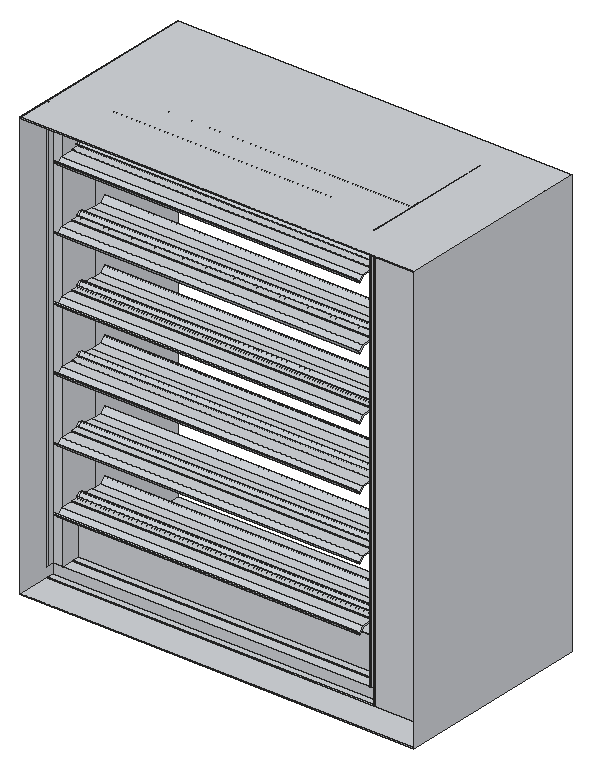
Revit family "FS-3V-FA-I, FS-3V-FA-II", category Mechanical Equipment, Revit 2015
Parameters
  URL = "https://unitedenertech.com/catalog/pdf/P-46%20%20FS-3V-FA-I.pdf-color.pdf"
  Type Comments = "Max. Single Section Size is 42\"w x 48\"h"
  Model = "F/S-3V-FA-I, F/S-3V-FA-II"
  Manufacturer = "United Enertech Corporation"
  Keynote = "FSLF-120 Actuator Shown, See Website for Correct Actuator for Damper Size."
  Exact Width = 3' - 0"
  Exact Height = 3' - 3"
  Description = "Front Access Combination Fire/Smoke Damper"
  Depth = 1' - 6"
  Blade Spacing = 0' - 5 3/4"
  Blade Number [instance] = rounddown((Exact Height - 0' 3") / Blade Spacing)  # 6
  BW [instance] = Exact Width - 0' 8 1/2"  # 2' - 3 1/2"
Reference planes (in)
  plane 1 "Center (Front/Back)": y = 0
  plane 2: z = 0
  plane 3 "Center (Left/Right)": x = 0
  plane 4: z = 39
  plane 5: x = -18
  plane 6: x = 18
  plane 7: z = 0.0359
  plane 8: z = 38.9641
  plane 9: x = -17.9641
  plane 10: x = 17.9641
  plane 11: y = 15
  plane 12: y = -3
  plane 13: y = 5
  plane 14: z = 0.9348
  plane 15: z = 38.0293
  plane 16: x = -17.0293
  plane 17: x = 17.0293
  plane 18: z = 35.27732
  plane 19: y = 4.3098
  plane 20: z = 37.5
  plane 21: z = 26.4428
  plane 22: z = 35.24218
  plane 23: z = 34.78895
  plane 24: z = 35.97045
  plane 25: x = 11.9641
  plane 26: x = -3
  plane 27: x = 12
  plane 28: x = 11.0293
  plane 29: y = 12
  plane 30: y = 11.96484
  plane 31: y = 0.03516
Forms (in)
  Extrusion 1, solid
    sketch origin (0, 0, 0) x (1, 0, 0) y (0, 0, 1)
      loop
        line (-17.9641, 38.9641) -> (-17.9641, 0.0359) -> (17.9641, 0.0359) -> (17.9641, 38.9641) -> (-17.9641, 38.9641)
      loop
        line (-18, 39) -> (-18, 0) -> (18, 0) -> (18, 39) -> (-18, 39)
    from -15 to 3
  Extrusion 2, solid
    sketch origin (23.93472, -8.11588, 0) x (1, 0, 0) y (0, 1, 0)
      loop
        line (-41.83902, 8.11588) -> (-41.83902, 8.17568) -> (-41.83902, 8.80608) -> (-40.96402, 8.80608) -> (-40.96402, 12.42568) -> (-41.83902, 12.42568) -> (-41.83902, 13.05608) -> (-41.83902, 13.11588) -> (-41.89882, 13.11588) -> (-41.89882, 12.36588) -> (-41.02382, 12.36588) -> (-41.02382, 8.86588) -> (-41.89882, 8.86588) -> (-41.89882, 8.11588) -> (-41.83902, 8.11588)
    from 0.9348 to 38.0293
  Extrusion 3, solid
    sketch origin (31.96104, -8.11588, 36.89882) x (0, 0, 1) y (0, 1, 0)
      loop
        line (-36.83902, 8.17568) -> (-36.83902, 8.80608) -> (-35.96402, 8.80608) -> (-35.96402, 12.42568) -> (-36.83902, 12.42568) -> (-36.83902, 13.05608) -> (-36.83902, 13.11588) -> (-36.89882, 13.11588) -> (-36.89882, 12.36588) -> (-36.02382, 12.36588) -> (-36.02382, 8.86588) -> (-36.89882, 8.86588) -> (-36.89882, 8.11588) -> (-36.83902, 8.11588) -> (-36.83902, 8.17568)
    from 19.99694 to 49.92514
  Extrusion 4, solid
    sketch origin (26.89178, -38.52709, 32.33205) x (0, -1, 0) y (0, 0, -1)
      loop
        line (-41.02709, -5.19725) -> (-41.02709, -5.69725) -> (-40.27709, -5.69725) -> (-40.27709, -5.61625) -> (-40.94609, -5.61625) -> (-40.94609, -5.19725) -> (-41.02709, -5.19725)
    from -43.92108 to -15.86248
  Extrusion 5, solid
    sketch origin (62.39247, 5.64851, 0.33329) x (0, 1, 0) y (0, 0, 1)
      loop
        line (-3.14851, 3.60151) -> (-3.22663, 3.60151) -> (-3.22663, 0.67964) -> (-3.89851, 0.67964) -> (-3.89851, 0.60151) -> (-3.14851, 0.60151) -> (-3.14851, 3.60151)
    from -79.42177 to -51.36317
  Extrusion 6, solid
    sketch origin (31.96104, -8.11588, 11.06528) x (0, 0, -1) y (0, -1, 0)
      loop
        line (-27.83902, -8.17568) -> (-27.83902, -8.11588) -> (-27.89882, -8.11588) -> (-27.89882, -8.86588) -> (-27.02382, -8.86588) -> (-27.02382, -12.36588) -> (-27.89882, -12.36588) -> (-27.89882, -13.11588) -> (-27.83902, -13.11588) -> (-27.83902, -13.05608) -> (-27.83902, -12.42568) -> (-26.96402, -12.42568) -> (-26.96402, -8.80608) -> (-27.83902, -8.80608) -> (-27.83902, -8.17568)
    from 19.99694 to 49.92514
  Extrusion 7, solid
    sketch origin (0, 0, 0) x (0, 1, 0) y (0, 0, 1)
      loop
        line (7.9528, 35.24218) -> (7.6668, 35.24218)
        arc (7.6668, 35.24218) -> (7.8098, 34.71875) -> (7.9528, 35.24218) r 0.28125
    from -17.9641 to 17.9641
  Extrusion 8, solid
    sketch origin (-29.93472, -8.11588, 0) x (-1, 0, 0) y (0, -1, 0)
      loop
        line (-41.83902, -8.11588) -> (-41.89882, -8.11588) -> (-41.89882, -8.86588) -> (-41.02382, -8.86588) -> (-41.02382, -12.36588) -> (-41.89882, -12.36588) -> (-41.89882, -13.11588) -> (-41.83902, -13.11588) -> (-41.83902, -13.05608) -> (-41.83902, -12.42568) -> (-40.96402, -12.42568) -> (-40.96402, -8.80608) -> (-41.83902, -8.80608) -> (-41.83902, -8.17568) -> (-41.83902, -8.11588)
    from 0.9348 to 38.0293
  Extrusion 9, solid
    sketch origin (0, 0, 0) x (1, 0, 0) y (0, 1, 0)
      loop
        line (17.9641, 0) -> (17.9641, 0.03516) -> (12, 0.03516) -> (12, 11.96484) -> (17.9641, 11.96484) -> (17.9641, 12) -> (11.9641, 12) -> (11.9641, 0) -> (17.9641, 0)
    from 0.0359 to 38.9641
Dimensions and locks (in)
  "Exact Height": plane 4 to level
  equal spacing: plane 5, plane 3 "Center (Left/Right)", plane 6
  "Exact Width": plane 5 to plane 6
  locked: plane 7 to level at 0.0359
  locked: plane 4 to plane 8 at 0.0359
  locked: plane 5 to plane 9 at 0.0359
  locked: plane 10 to plane 6 at 0.0359
  "Depth": plane 11 to plane 12
  locked: plane 14 to level at 0.9348
  locked: plane 8 to plane 15 at 0.9348
  locked: plane 16 to plane 9 at 0.9348
  locked: plane 10 to plane 17 at 0.9348
  locked: plane 4 to plane 18 at 3.72268
  locked: plane 13 to plane 19 at 0.6902
  locked: plane 4 to plane 20 at 1.5
  locked: plane 4 to plane 21 at 12.5572
  locked: plane 4 to plane 22 at 3.75782
  locked: plane 4 to plane 23 at 4.21105
  equal spacing: group 2, group 3, group 4, group 5, group 6, group 7  (x2)
  equal spacing: group 7, group 6, group 5, group 4, group 3, group 2
  "Blade Spacing": nested 4 to nested 5
  locked: plane 4 to plane 24 at 3.02955
  locked: plane 25 to plane 10 at 6
  equal spacing: plane 9, plane 26, plane 25
  locked: plane 25 to plane 27 at 0.0359
  locked: plane 28 to plane 25 at 0.9348
  locked: plane 1 "Center (Front/Back)" to plane 29 at 12
  locked: plane 30 to plane 29 at 0.03516
  locked: plane 1 "Center (Front/Back)" to plane 31 at 0.03516
  locked: plane 29 to plane 11 at 3
  aligned and locked: level to plane 2
  aligned and locked: Extrusion 1 sketch curve to plane 4
  aligned and locked: level to Extrusion 1 sketch curve
  aligned and locked: Extrusion 1 sketch curve to plane 5
  aligned and locked: Extrusion 1 sketch curve to plane 6
  aligned and locked: Extrusion 1 sketch curve to plane 8
  aligned and locked: plane 7 to Extrusion 1 sketch curve
  aligned and locked: plane 10 to Extrusion 1 sketch curve
  aligned and locked: plane 9 to Extrusion 1 sketch curve
  aligned and locked: plane 11 to Extrusion 1
  aligned and locked: Extrusion 1 to plane 12
  aligned and locked: Extrusion 2 to plane 9
  aligned and locked: Extrusion 3 to plane 9
  aligned and locked: Extrusion 2 to plane 14
  aligned and locked: plane 8 to Extrusion 6
  aligned and locked: plane 15 to Extrusion 2
  aligned and locked: Extrusion 6 to plane 9
  aligned and locked: Extrusion 5 to plane 16
  aligned and locked: Extrusion 6 to plane 15
  aligned and locked: plane 15 to Extrusion 4
  aligned and locked: Extrusion 4 to plane 16
  aligned and locked: nested 2 to plane 10
  aligned and locked: plane 9 to nested 3
  aligned and locked: nested 3 to plane 19
  aligned and locked: plane 19 to nested 2
  aligned and locked: Extrusion 7 to plane 10
  aligned and locked: Extrusion 7 to plane 9
  aligned and locked: nested 3 to plane 20
  aligned and locked: plane 20 to nested 2
  aligned and locked: plane 22 to Extrusion 7
  aligned and locked: nested 4 to plane 23
  aligned and locked: plane 17 to nested 6
  aligned and locked: plane 24 to nested 6
  aligned and locked: Extrusion 6 to plane 25
  aligned and locked: Extrusion 3 to plane 25
  aligned and locked: Extrusion 5 to plane 28
  aligned and locked: plane 26 to nested 4
  aligned and locked: Extrusion 4 to plane 28
  aligned and locked: plane 15 to Extrusion 8
  aligned and locked: Extrusion 9 sketch curve to plane 1 "Center (Front/Back)"
  aligned and locked: Extrusion 9 sketch curve to plane 31
  aligned and locked: plane 10 to Extrusion 9 sketch curve  (x2)
  aligned and locked: plane 29 to Extrusion 9 sketch curve
  aligned and locked: Extrusion 9 sketch curve to plane 30
  aligned and locked: Extrusion 9 sketch curve to plane 25
  aligned and locked: Extrusion 9 sketch curve to plane 27
  aligned and locked: Extrusion 9 to plane 7
  aligned and locked: plane 8 to Extrusion 9
Automatic sketch dimensions
  Extrusion 2 sketch curve to plane 9 = 0' - 0"  (x2)
  plane 1 "Center (Front/Back)" to Extrusion 2 sketch curve = 0' - 0"
  plane 19 to Extrusion 2 sketch curve = 0' - 0"
  plane 13 to Extrusion 2 sketch curve = 0' - 0"
  Extrusion 2 sketch curve to plane 16 = 0' - 0"
  plane 9 to Extrusion 2 sketch curve = 0' - 0.0598"  (x2)
  Extrusion 2 sketch curve to plane 16 = 0' - 0.0598"
  Extrusion 2 sketch curve to plane 1 "Center (Front/Back)" = 0' - 0.0598"
  Extrusion 2 sketch curve to Extrusion 2 sketch curve = 0' - 0.6304"
  Extrusion 2 sketch curve to Extrusion 2 sketch curve = 0' - 0.0598"  (x2)
  plane 19 to Extrusion 2 sketch curve = 0' - 0.0598"
  Extrusion 3 sketch curve to level = 0' - 0"  (x2)
  Extrusion 3 sketch curve to plane 1 "Center (Front/Back)" = 0' - 0"
  Extrusion 3 sketch curve to plane 19 = 0' - 0"
  Extrusion 3 sketch curve to plane 13 = 0' - 0"
  Extrusion 3 sketch curve to plane 14 = 0' - 0"
  plane 7 to Extrusion 3 sketch curve = 0' - 0.0239"  (x2)
  Extrusion 3 sketch curve to plane 14 = 0' - 0.0598"
  Extrusion 3 sketch curve to plane 1 "Center (Front/Back)" = 0' - 0.0598"
  Extrusion 3 sketch curve to Extrusion 3 sketch curve = 0' - 0.6304"
  Extrusion 3 sketch curve to Extrusion 3 sketch curve = 0' - 0.0598"
  plane 19 to Extrusion 3 sketch curve = 0' - 0.0598"
  plane 13 to Extrusion 3 sketch curve = 0' - 0.0598"
  plane 15 to Extrusion 4 sketch curve = 0' - 0"
  plane 20 to Extrusion 4 sketch curve = 0' - 0.0293"
  plane 19 to Extrusion 4 sketch curve = 0' - 1.8098"
  Extrusion 4 sketch curve to Extrusion 4 sketch curve = 0' - 0.081"
  Extrusion 4 sketch curve to plane 15 = 0' - 0.081"
  Extrusion 4 sketch curve to Extrusion 4 sketch curve = 0' - 0.669"
  plane 14 to Extrusion 5 sketch curve = 0' - 0"
  plane 14 to Extrusion 5 sketch curve = 0' - 0 5/64"
  Extrusion 5 sketch curve to plane 1 "Center (Front/Back)" = 0' - 1 3/4"
  plane 19 to Extrusion 5 sketch curve = 0' - 1.88793"
  Extrusion 5 sketch curve to Extrusion 5 sketch curve = 0' - 0 5/64"
  Extrusion 5 sketch curve to Extrusion 5 sketch curve = 0' - 2 59/64"
  Extrusion 6 sketch curve to plane 8 = 0' - 0"  (x2)
  Extrusion 6 sketch curve to plane 1 "Center (Front/Back)" = 0' - 0"
  Extrusion 6 sketch curve to plane 19 = 0' - 0"
  Extrusion 6 sketch curve to plane 13 = 0' - 0"
  Extrusion 6 sketch curve to plane 15 = 0' - 0"
  Extrusion 6 sketch curve to plane 8 = 0' - 0.0598"  (x2)
  plane 15 to Extrusion 6 sketch curve = 0' - 0.0598"
  plane 13 to Extrusion 6 sketch curve = 0' - 0.0598"
  plane 19 to Extrusion 6 sketch curve = 0' - 0.0598"
  Extrusion 6 sketch curve to Extrusion 6 sketch curve = 0' - 0 3/4"
  Extrusion 6 sketch curve to Extrusion 6 sketch curve = 0' - 0.0598"  (x2)
  Extrusion 7 sketch curve to plane 22 = 0' - 0"
  Extrusion 7 sketch curve to plane 13 = 0' - 2.6668"
  Extrusion 7 sketch curve to Extrusion 7 sketch curve = 0' - 0.143"
  plane 23 to Extrusion 7 sketch curve = 0' - 0.21105"
  plane 13 to Extrusion 8 sketch curve = 0' - 0"
  Extrusion 8 sketch curve to plane 25 = 0' - 0"  (x2)
  plane 1 "Center (Front/Back)" to Extrusion 8 sketch curve = 0' - 0"
  plane 19 to Extrusion 8 sketch curve = 0' - 0"
  Extrusion 8 sketch curve to plane 28 = 0' - 0"
  Extrusion 8 sketch curve to plane 25 = 0' - 0.0598"  (x2)
  plane 28 to Extrusion 8 sketch curve = 0' - 0.0598"
  plane 1 "Center (Front/Back)" to Extrusion 8 sketch curve = 0' - 0.0598"
  Extrusion 8 sketch curve to Extrusion 8 sketch curve = 0' - 0.6304"
  Extrusion 8 sketch curve to Extrusion 8 sketch curve = 0' - 0.0598"
  Extrusion 8 sketch curve to plane 19 = 0' - 0.0598"
  Extrusion 8 sketch curve to plane 13 = 0' - 0.0598"
Nested families (in)
  nested 1: "160BL" at (62.39247, -25.11688, 30.67097), type "160BL", not visible
    with Blade Width 2' - 3 1/2"
  nested 2: "Fire Smoke Actuator Bracket" at (18.23913, 4.3098, 36.56141) x (0, 0, 1) z (0, 1, 0), type "Fire Smoke Actuator Bracket"
  nested 3: "Fire Smoke Actuator Bracket" at (-18.23913, 4.3098, 36.56141) x (0, 0, 1) z (0, 1, 0), type "Fire Smoke Actuator Bracket"
  nested 4: "3VBLADE" at (-3, -1.33126, 33.20661), type "3VBLADE"
    with Blade Width 2' - 3 1/2"
  nested 5: "3VBLADE" at (-3, -1.33126, 27.45661), type "3VBLADE"
    with Blade Width 2' - 3 1/2"
  nested 6: "FSLF-120" at (14.8204, 12.99816, 27.76305), type "FSLF-120"
  nested 7: "3VBLADE" at (-3, -1.33126, 21.70661), type "3VBLADE"
    with Blade Width 2' - 3 1/2"
  nested 8: "3VBLADE" at (-3, -1.33126, 15.95661), type "3VBLADE"
    with Blade Width 2' - 3 1/2"
  nested 9: "3VBLADE" at (-3, -1.33126, 10.20661), type "3VBLADE"
    with Blade Width 2' - 3 1/2"
  nested 10: "3VBLADE" at (-3, -1.33126, 4.45661), type "3VBLADE"
    with Blade Width 2' - 3 1/2"
Definition of nested family "160BL"
  Parameters (values of type "160BL")
    Blade Width = 2' - 0"
  Reference planes (in)
    plane 1 "Center (Front/Back)": y = 0
    plane 2: z = 0
    plane 3 "Center (Left/Right)": x = 0
    plane 4: x = -12
    plane 5: x = 12
    plane 6: x = 13
    plane 7: x = 10
    plane 8: x = -10
    plane 9: x = -13
  Forms (in)
    Extrusion 1, solid
      sketch origin (-29.66395, -41.88595, -4.51752) x (0, -1, 0) y (0, 0, -1)
        loop
          line (-42.3214, -5.69562) -> (-42.3214, -6.04405) -> (-41.94647, -6.04405) -> (-41.94647, -5.69562) -> (-42.3214, -5.69562)
      from 39.66395 to 42.66395
    Extrusion 2, solid
      sketch origin (-29.66395, -42.01854, -6.8342) x (0, -1, 0) y (0, 0, -1)
        loop
          line (-43.46599, -7.97904) -> (-43.51899, -7.97904) -> (-43.51899, -8.39235) -> (-42.90411, -8.41377) -> (-42.50696, -8.41377) -> (-42.50696, -8.36074) -> (-42.90411, -8.36074) -> (-43.46599, -8.34116) -> (-43.46599, -7.97904)
      from 17.66395 to 41.66395
    Extrusion 3, solid
      sketch origin (-29.66395, -42.01854, -6.8342) x (0, -1, 0) y (0, 0, -1)
        loop
          line (-43.41296, -8.32667) -> (-43.41296, -8.03022) -> (-42.89933, -8.01224) -> (-42.50696, -8.01224) -> (-42.50696, -8.41377) -> (-42.02598, -8.41377) -> (-42.02598, -8.0123) -> (-41.62883, -8.0123) -> (-41.11996, -8.03003) -> (-41.11996, -8.32648) -> (-41.06699, -8.32648) -> (-41.06699, -7.97904) -> (-41.63442, -7.95927) -> (-42.07906, -7.95927) -> (-42.07906, -8.36074) -> (-42.45398, -8.36074) -> (-42.45398, -7.95927) -> (-42.90119, -7.95927) -> (-43.46596, -7.97904) -> (-43.46596, -8.32667) -> (-43.41296, -8.32667)
      from 17.66395 to 41.66395
    Extrusion 4, solid
      sketch origin (-29.66395, -42.01854, -6.8342) x (0, -1, 0) y (0, 0, -1)
        loop
          line (-42.45398, -7.95927) -> (-42.45398, -8.01224) -> (-42.07906, -8.01224) -> (-42.07906, -7.95927) -> (-42.45398, -7.95927)
      from 17.66395 to 41.66395
    Extrusion 5, solid
      sketch origin (-29.66395, -42.01854, -6.8342) x (0, -1, 0) y (0, 0, -1)
        loop
          line (-41.06705, -7.97904) -> (-41.06705, -8.34116) -> (-41.62893, -8.36074) -> (-42.02598, -8.36074) -> (-42.02598, -8.41377) -> (-41.62893, -8.41377) -> (-41.01405, -8.39235) -> (-41.01405, -7.97904) -> (-41.06705, -7.97904)
      from 17.66395 to 41.66395
    Extrusion 6, solid
      sketch origin (-29.66395, -42.01854, -6.8342) x (0, -1, 0) y (0, 0, -1)
        loop
          line (-45.11444, -8.04212) -> (-45.14143, -8.06102) -> (-45.14143, -8.15472) -> (-43.65311, -8.44766) -> (-43.61881, -8.3631) -> (-43.58593, -8.44056) -> (-40.94517, -8.44056) -> (-40.91325, -8.36156) -> (-40.87962, -8.44109) -> (-40.06454, -8.37558) -> (-40.01199, -8.16476) -> (-39.44168, -8.27557) -> (-39.41851, -8.2524) -> (-40.03184, -8.13323) -> (-40.08641, -8.35172) -> (-40.86, -8.41376) -> (-40.88095, -8.33556) -> (-40.94478, -8.33556) -> (-40.96652, -8.41377) -> (-43.56615, -8.41377) -> (-43.58705, -8.33578) -> (-43.65168, -8.33578) -> (-43.67323, -8.41619) -> (-45.11444, -8.13252) -> (-45.11444, -8.04212)
      from 17.66395 to 41.66395
    Extrusion 7, solid
      sketch origin (-29.66395, 42.51351, 9.53877) x (0, 1, 0) y (0, 0, 1)
        loop
          line (-45.11444, -8.04212) -> (-45.14143, -8.06102) -> (-45.14143, -8.15472) -> (-43.65311, -8.44766) -> (-43.61881, -8.3631) -> (-43.58593, -8.44056) -> (-40.94517, -8.44056) -> (-40.91325, -8.36156) -> (-40.87962, -8.44109) -> (-40.06454, -8.37558) -> (-40.01199, -8.16476) -> (-39.44168, -8.27557) -> (-39.41851, -8.2524) -> (-40.03184, -8.13323) -> (-40.08641, -8.35172) -> (-40.86, -8.41376) -> (-40.88095, -8.33556) -> (-40.94478, -8.33556) -> (-40.96652, -8.41377) -> (-43.56615, -8.41377) -> (-43.58705, -8.33578) -> (-43.65168, -8.33578) -> (-43.67323, -8.41619) -> (-45.11444, -8.13252) -> (-45.11444, -8.04212)
      from 17.66395 to 41.66395
    Extrusion 8, solid
      sketch origin (-63.16395, -41.88595, -4.51752) x (0, -1, 0) y (0, 0, -1)
        loop
          line (-42.3214, -5.69562) -> (-42.3214, -6.04405) -> (-41.94647, -6.04405) -> (-41.94647, -5.69562) -> (-42.3214, -5.69562)
      from 50.16395 to 53.16395
  Dimensions and locks (in)
    equal spacing: plane 4, plane 3 "Center (Left/Right)", plane 5
    "Blade Width": plane 4 to plane 5
    locked: plane 7 to plane 5 at 2
    locked: plane 5 to plane 6 at 1
    locked: plane 4 to plane 8 at 2
    locked: plane 9 to plane 4 at 1
    aligned and locked: level to plane 2
    aligned and locked: plane 5 to Extrusion 6
    aligned and locked: plane 5 to Extrusion 7
    aligned and locked: plane 5 to Extrusion 5
    aligned and locked: plane 5 to Extrusion 3
    aligned and locked: plane 5 to Extrusion 2
    aligned and locked: Extrusion 1 to plane 6
    aligned and locked: plane 5 to Extrusion 4
    aligned and locked: plane 7 to Extrusion 1
    aligned and locked: Extrusion 8 to plane 9
    aligned and locked: Extrusion 8 to plane 8
    aligned and locked: plane 4 to Extrusion 6
    aligned and locked: plane 4 to Extrusion 7
    aligned and locked: plane 4 to Extrusion 2
    aligned and locked: plane 4 to Extrusion 3
    aligned and locked: plane 4 to Extrusion 5
    aligned and locked: plane 4 to Extrusion 4
  Automatic sketch dimensions
    Extrusion 1 sketch curve to plane 1 "Center (Front/Back)" = 0' - 0.43545"
    Extrusion 1 sketch curve to plane 1 "Center (Front/Back)" = 0' - 0.06052"
    level to Extrusion 1 sketch curve = 0' - 1.52654"
    Extrusion 1 sketch curve to Extrusion 1 sketch curve = 0' - 0.34843"
    Extrusion 2 sketch curve to plane 1 "Center (Front/Back)" = 0' - 1.50045"
    Extrusion 2 sketch curve to Extrusion 2 sketch curve = 0' - 0.053"
    Extrusion 2 sketch curve to Extrusion 2 sketch curve = 0' - 0.56188"
    Extrusion 2 sketch curve to Extrusion 2 sketch curve = 0' - 0"
    Extrusion 2 sketch curve to Extrusion 2 sketch curve = 0' - 0.39715"
    level to Extrusion 2 sketch curve = 0' - 1.57957"
    Extrusion 2 sketch curve to Extrusion 2 sketch curve = 0' - 0.02142"
    Extrusion 2 sketch curve to Extrusion 2 sketch curve = 0' - 0.05303"
    Extrusion 2 sketch curve to Extrusion 2 sketch curve = 0' - 0.05119"
    Extrusion 2 sketch curve to Extrusion 2 sketch curve = 0' - 0.36212"
    Extrusion 3 sketch curve to plane 1 "Center (Front/Back)" = 0' - 1.44742"
    Extrusion 3 sketch curve to Extrusion 3 sketch curve = 0' - 0.053"
    Extrusion 3 sketch curve to Extrusion 3 sketch curve = 0' - 0.51177"
    Extrusion 3 sketch curve to Extrusion 3 sketch curve = 0' - 0.00185"
    Extrusion 3 sketch curve to plane 1 "Center (Front/Back)" = 0' - 0.48842"
    Extrusion 3 sketch curve to Extrusion 3 sketch curve = 0' - 0.05297"  (x3)
    Extrusion 3 sketch curve to plane 1 "Center (Front/Back)" = 0' - 0.06052"
    Extrusion 3 sketch curve to plane 1 "Center (Front/Back)" = 0' - 0.00745"
    plane 1 "Center (Front/Back)" to Extrusion 3 sketch curve = 0' - 0.38411"
    Extrusion 3 sketch curve to Extrusion 3 sketch curve = 0' - 0.00559"
    Extrusion 3 sketch curve to Extrusion 3 sketch curve = 0' - 0.50887"
    level to Extrusion 3 sketch curve = 0' - 1.57957"
    Extrusion 3 sketch curve to Extrusion 3 sketch curve = 0' - 0.05303"  (x2)
    Extrusion 3 sketch curve to Extrusion 3 sketch curve = 0' - 0.0871"
    Extrusion 3 sketch curve to Extrusion 3 sketch curve = 0' - 0.08729"
    Extrusion 3 sketch curve to Extrusion 3 sketch curve = 0' - 0.29645"  (x2)
    Extrusion 3 sketch curve to Extrusion 3 sketch curve = 0' - 0.34843"
    Extrusion 3 sketch curve to Extrusion 3 sketch curve = 0' - 0.01798"
    Extrusion 3 sketch curve to Extrusion 3 sketch curve = 0' - 0.05099"
    Extrusion 3 sketch curve to Extrusion 3 sketch curve = 0' - 0.05118"
    Extrusion 4 sketch curve to plane 1 "Center (Front/Back)" = 0' - 0.43545"
    Extrusion 4 sketch curve to plane 1 "Center (Front/Back)" = 0' - 0.06052"
    level to Extrusion 4 sketch curve = 0' - 1.17804"
    Extrusion 4 sketch curve to Extrusion 4 sketch curve = 0' - 0.05297"
    Extrusion 5 sketch curve to plane 1 "Center (Front/Back)" = 0' - 0.00745"
    plane 1 "Center (Front/Back)" to Extrusion 5 sketch curve = 0' - 0.3896"
    Extrusion 5 sketch curve to Extrusion 5 sketch curve = 0' - 0"
    Extrusion 5 sketch curve to Extrusion 5 sketch curve = 0' - 0.56188"
    Extrusion 5 sketch curve to Extrusion 5 sketch curve = 0' - 0.053"
    level to Extrusion 5 sketch curve = 0' - 1.57957"
    Extrusion 5 sketch curve to Extrusion 5 sketch curve = 0' - 0.02142"
    Extrusion 5 sketch curve to Extrusion 5 sketch curve = 0' - 0.05303"
    Extrusion 5 sketch curve to Extrusion 5 sketch curve = 0' - 0.05119"
    Extrusion 5 sketch curve to Extrusion 5 sketch curve = 0' - 0.36212"
    level to Extrusion 6 sketch curve = 0' - 1.32052"
    Extrusion 6 sketch curve to plane 1 "Center (Front/Back)" = 0' - 3.12289"
    level to Extrusion 6 sketch curve = 0' - 1.20792"
    Extrusion 6 sketch curve to Extrusion 6 sketch curve = 0' - 0.02699"
    Extrusion 6 sketch curve to Extrusion 6 sketch curve = 0' - 1.44121"
    Extrusion 6 sketch curve to Extrusion 6 sketch curve = 0' - 0.02012"
    Extrusion 6 sketch curve to Extrusion 6 sketch curve = 0' - 0.02155"
    Extrusion 6 sketch curve to Extrusion 6 sketch curve = 0' - 0.03287"
    Extrusion 6 sketch curve to Extrusion 6 sketch curve = 0' - 0.03176"
    Extrusion 6 sketch curve to Extrusion 6 sketch curve = 0' - 0.06717"
    Extrusion 6 sketch curve to Extrusion 6 sketch curve = 0' - 0.01978"
    plane 1 "Center (Front/Back)" to Extrusion 6 sketch curve = 0' - 1.05202"
    Extrusion 6 sketch curve to Extrusion 6 sketch curve = 0' - 0.02136"
    Extrusion 6 sketch curve to Extrusion 6 sketch curve = 0' - 0.02174"
    Extrusion 6 sketch curve to Extrusion 6 sketch curve = 0' - 0.03153"  (x2)
    Extrusion 6 sketch curve to Extrusion 6 sketch curve = 0' - 0.0323"
    Extrusion 6 sketch curve to Extrusion 6 sketch curve = 0' - 0.06554"
    Extrusion 6 sketch curve to Extrusion 6 sketch curve = 0' - 0.01963"
    Extrusion 6 sketch curve to Extrusion 6 sketch curve = 0' - 0.77359"
    Extrusion 6 sketch curve to Extrusion 6 sketch curve = 0' - 0.02187"
    Extrusion 6 sketch curve to Extrusion 6 sketch curve = 0' - 0.05457"
    Extrusion 6 sketch curve to Extrusion 6 sketch curve = 0' - 0.01985"
    Extrusion 6 sketch curve to Extrusion 6 sketch curve = 0' - 0 73/128"
    Extrusion 6 sketch curve to Extrusion 6 sketch curve = 0' - 0.02317"  (x2)
    level to Extrusion 6 sketch curve = 0' - 1.33056"
    Extrusion 6 sketch curve to Extrusion 6 sketch curve = 0' - 0.08764"
    Extrusion 6 sketch curve to Extrusion 6 sketch curve = 0' - 0.1708"
    level to Extrusion 6 sketch curve = 0' - 1.50158"
    Extrusion 6 sketch curve to Extrusion 6 sketch curve = 0' - 0.18696"
    Extrusion 6 sketch curve to Extrusion 6 sketch curve = 0' - 0.02601"
    Extrusion 6 sketch curve to Extrusion 6 sketch curve = 0' - 0 7/256"  (x2)
    Extrusion 6 sketch curve to Extrusion 6 sketch curve = 0' - 0.02386"
    Extrusion 6 sketch curve to Extrusion 6 sketch curve = 0' - 0.05219"
    Extrusion 6 sketch curve to Extrusion 6 sketch curve = 0' - 0.05067"
    Extrusion 6 sketch curve to Extrusion 6 sketch curve = 0' - 0.05309"
    Extrusion 6 sketch curve to Extrusion 6 sketch curve = 0' - 0.02679"
    Extrusion 6 sketch curve to Extrusion 6 sketch curve = 0' - 0.03147"
    Extrusion 6 sketch curve to Extrusion 6 sketch curve = 0' - 0.0222"
    Extrusion 6 sketch curve to Extrusion 6 sketch curve = 0' - 0.0189"
    plane 1 "Center (Front/Back)" to Extrusion 7 sketch curve = 0' - 2.62792"
    Extrusion 7 sketch curve to Extrusion 7 sketch curve = 0' - 0.02699"
    plane 1 "Center (Front/Back)" to Extrusion 7 sketch curve = 0' - 1.15972"
    Extrusion 7 sketch curve to Extrusion 7 sketch curve = 0' - 0.02012"
    Extrusion 7 sketch curve to Extrusion 7 sketch curve = 0' - 0.02155"
    Extrusion 7 sketch curve to Extrusion 7 sketch curve = 0' - 0.03287"
    Extrusion 7 sketch curve to Extrusion 7 sketch curve = 0' - 0.03176"
    Extrusion 7 sketch curve to Extrusion 7 sketch curve = 0' - 0.06717"
    Extrusion 7 sketch curve to Extrusion 7 sketch curve = 0' - 0.01978"
    Extrusion 7 sketch curve to plane 1 "Center (Front/Back)" = 0' - 1.54699"
    Extrusion 7 sketch curve to Extrusion 7 sketch curve = 0' - 0.02136"
    Extrusion 7 sketch curve to Extrusion 7 sketch curve = 0' - 0.02174"
    Extrusion 7 sketch curve to Extrusion 7 sketch curve = 0' - 0.03153"  (x2)
    Extrusion 7 sketch curve to Extrusion 7 sketch curve = 0' - 0.0323"
    Extrusion 7 sketch curve to Extrusion 7 sketch curve = 0' - 0.06554"
    Extrusion 7 sketch curve to Extrusion 7 sketch curve = 0' - 0.01963"
    level to Extrusion 7 sketch curve = 0' - 1.18705"
    Extrusion 7 sketch curve to Extrusion 7 sketch curve = 0' - 0.77359"
    level to Extrusion 7 sketch curve = 0' - 1.16319"
    Extrusion 7 sketch curve to Extrusion 7 sketch curve = 0' - 0.02187"
    Extrusion 7 sketch curve to Extrusion 7 sketch curve = 0' - 0.05457"
    Extrusion 7 sketch curve to Extrusion 7 sketch curve = 0' - 0.01985"
    level to Extrusion 7 sketch curve = 0' - 1.2632"
    Extrusion 7 sketch curve to Extrusion 7 sketch curve = 0' - 0 73/128"
    level to Extrusion 7 sketch curve = 0' - 1.28637"
    Extrusion 7 sketch curve to Extrusion 7 sketch curve = 0' - 0.02317"
    Extrusion 7 sketch curve to Extrusion 7 sketch curve = 0' - 0.06204"
    level to Extrusion 7 sketch curve = 0' - 1 1/8"
    Extrusion 7 sketch curve to Extrusion 7 sketch curve = 0' - 0.00242"
    Extrusion 7 sketch curve to Extrusion 7 sketch curve = 0' - 0.02679"
    Extrusion 7 sketch curve to Extrusion 7 sketch curve = 0' - 0 7/256"  (x2)
    Extrusion 7 sketch curve to Extrusion 7 sketch curve = 0' - 0.03147"
    Extrusion 7 sketch curve to Extrusion 7 sketch curve = 0' - 0.05067"
    Extrusion 7 sketch curve to Extrusion 7 sketch curve = 0' - 0.05219"
    Extrusion 7 sketch curve to Extrusion 7 sketch curve = 0' - 0.02601"
    Extrusion 7 sketch curve to Extrusion 7 sketch curve = 0' - 0.18696"
    level to Extrusion 7 sketch curve = 0' - 1.38405"
    Extrusion 7 sketch curve to Extrusion 7 sketch curve = 0' - 0.0222"
    Extrusion 7 sketch curve to Extrusion 7 sketch curve = 0' - 0.07151"
    Extrusion 7 sketch curve to Extrusion 7 sketch curve = 0' - 0.0189"
    Extrusion 8 sketch curve to plane 1 "Center (Front/Back)" = 0' - 0.43545"
    Extrusion 8 sketch curve to plane 1 "Center (Front/Back)" = 0' - 0.06052"
    level to Extrusion 8 sketch curve = 0' - 1.52654"
    Extrusion 8 sketch curve to Extrusion 8 sketch curve = 0' - 0.34843"
Definition of nested family "Fire Smoke Actuator Bracket"
  Reference planes (in)
    plane 1 "Center (Front/Back)": y = 0
    plane 2: z = 0
    plane 3 "Center (Left/Right)": x = 0
  Forms (in)
    Extrusion 1, solid
      sketch origin (54.09185, -14.49387, 0) x (1, 0, 0) y (0, 1, 0)
        loop
          line (-53.15326, 14.21883) -> (-53.90326, 14.21883) -> (-53.90326, 14.00399) -> (-57.40326, 14.00399) -> (-57.40326, 14.21883) -> (-58.15326, 14.21883) -> (-58.15326, 14.18293) -> (-57.43842, 14.18293) -> (-57.43842, 13.96883) -> (-53.8681, 13.96883) -> (-53.8681, 14.18293) -> (-53.15326, 14.18293) -> (-53.15326, 14.21883)
      from 0 to 5
    Extrusion 2, void
      sketch origin (0, 0, 0) x (1, 0, 0) y (0, 0, 1)
        loop
          circle (-1.56141, 3.5) r 0.28125
      from 0 to 1.04299
  Cuts and joins
    Extrusion 2 cuts Extrusion 1
  Dimensions and locks (in)
    aligned and locked: level to plane 2
Definition of nested family "3VBLADE"
  Parameters (values of type "3VBLADE")
    Blade Width = 2' - 0"
  Reference planes (in)
    plane 1 "Center (Front/Back)": y = 0
    plane 2: z = 0
    plane 3 "Center (Left/Right)": x = 0
    plane 4: x = -12
    plane 5: x = 12
    plane 6: x = -12.5
    plane 7: x = 12.5
  Forms (in)
    Extrusion 1, solid
      sketch origin (0, 0, 0) x (0, 1, 0) y (0, 0, 1)
        loop
          line (-0.70195, 1.51199) -> (-0.74444, 1.55448) -> (-1.14666, 1.15225) -> (-1.57675, 1.58234) -> (-3.40117, 1.58234) -> (-3.83126, 1.15225) -> (-4.26135, 1.58234) -> (-6.06088, 1.58234) -> (-6.51586, 2.03732) -> (-6.96057, 1.59261) -> (-6.91809, 1.55012) -> (-6.51586, 1.95235) -> (-6.08577, 1.52226) -> (-4.28624, 1.52226) -> (-3.83126, 1.06728) -> (-3.37629, 1.52226) -> (-1.60164, 1.52226) -> (-1.14666, 1.06728) -> (-0.70195, 1.51199)
      from -12 to 12
    Extrusion 2, solid
      sketch origin (0, 0, 0) x (0, 1, 0) y (0, 0, 1)
        loop
          line (-3.56573, 1.61238) -> (-3.83126, 1.87791) -> (-4.09679, 1.61238) -> (-3.83126, 1.34685) -> (-3.56573, 1.61238)
      from -12.5 to 12.5
    Extrusion 3, solid
      sketch origin (0, 0, 0) x (0, 1, 0) y (0, 0, 1)
        loop
          line (-2.71072, 1.58234) -> (-2.71072, 1.64242) -> (-3.53569, 1.64242) -> (-3.83126, 1.34685) -> (-4.12683, 1.64242) -> (-4.95181, 1.64242) -> (-4.95181, 1.58234) -> (-4.15172, 1.58234) -> (-3.83126, 1.26188) -> (-3.5108, 1.58234) -> (-2.71072, 1.58234)
      from -12 to 12
    Extrusion 4, solid
      sketch origin (0, 0, 0) x (0, 1, 0) y (0, 0, 1)
        loop
          line (-3.56573, 1.61238) -> (-3.51056, 1.64218) -> (-3.83126, 1.96288) -> (-4.15196, 1.64218) -> (-4.09679, 1.61238) -> (-3.83126, 1.87791) -> (-3.56573, 1.61238)
      from -12 to 12
  Dimensions and locks (in)
    equal spacing: plane 4, plane 3 "Center (Left/Right)", plane 5
    "Blade Width": plane 4 to plane 5
    locked: plane 5 to plane 7 at 0.5
    locked: plane 6 to plane 4 at 0.5
    aligned and locked: level to plane 2
    aligned and locked: plane 4 to Extrusion 1
    aligned and locked: plane 5 to Extrusion 1
    aligned and locked: plane 5 to Extrusion 3
    aligned and locked: plane 4 to Extrusion 3
    aligned and locked: plane 5 to Extrusion 4
    aligned and locked: Extrusion 2 to plane 7
    aligned and locked: plane 4 to Extrusion 4
    aligned and locked: plane 6 to Extrusion 2
  Automatic sketch dimensions
    plane 1 "Center (Front/Back)" to Extrusion 1 sketch curve = 0' - 0.70195"
    level to Extrusion 1 sketch curve = 0' - 1.51199"
    Extrusion 1 sketch curve to Extrusion 1 sketch curve = 0' - 0.04248"
    Extrusion 1 sketch curve to Extrusion 1 sketch curve = 0' - 0.44471"  (x2)
    Extrusion 1 sketch curve to Extrusion 1 sketch curve = 0' - 0"  (x2)
    level to Extrusion 1 sketch curve = 0' - 1.52226"  (x2)
    Extrusion 1 sketch curve to Extrusion 1 sketch curve = 0' - 0.02489"  (x2)
    Extrusion 1 sketch curve to Extrusion 1 sketch curve = 0' - 1.77464"
    level to Extrusion 1 sketch curve = 0' - 1.15225"
    Extrusion 1 sketch curve to Extrusion 1 sketch curve = 0' - 0.45498"
    level to Extrusion 1 sketch curve = 0' - 1.06728"
    Extrusion 1 sketch curve to Extrusion 1 sketch curve = 0' - 1.79953"
    level to Extrusion 1 sketch curve = 0' - 1.95235"
    Extrusion 1 sketch curve to Extrusion 1 sketch curve = 0' - 0.43009"
    level to Extrusion 1 sketch curve = 0' - 1.55012"
    level to Extrusion 1 sketch curve = 0' - 1.59261"
    level to Extrusion 1 sketch curve = 0' - 2.03732"
    level to Extrusion 1 sketch curve = 0' - 1.58234"
    plane 1 "Center (Front/Back)" to Extrusion 2 sketch curve = 0' - 4.09679"
    Extrusion 2 sketch curve to Extrusion 2 sketch curve = 0' - 0.26553"  (x3)
    level to Extrusion 2 sketch curve = 0' - 1.34685"
    plane 1 "Center (Front/Back)" to Extrusion 3 sketch curve = 0' - 2.71072"
    level to Extrusion 3 sketch curve = 0' - 1.64242"  (x2)
    Extrusion 3 sketch curve to Extrusion 3 sketch curve = 0' - 0.82497"  (x2)
    Extrusion 3 sketch curve to Extrusion 3 sketch curve = 0' - 0.06008"
    Extrusion 3 sketch curve to Extrusion 3 sketch curve = 0' - 0.02489"  (x2)
    level to Extrusion 3 sketch curve = 0' - 1.26188"
    Extrusion 3 sketch curve to Extrusion 3 sketch curve = 0' - 0.32046"
    level to Extrusion 3 sketch curve = 0' - 1.34685"
    Extrusion 3 sketch curve to Extrusion 3 sketch curve = 0' - 0"
    plane 1 "Center (Front/Back)" to Extrusion 4 sketch curve = 0' - 3.83126"
    level to Extrusion 4 sketch curve = 0' - 1.87791"
    Extrusion 4 sketch curve to Extrusion 4 sketch curve = 0' - 0"
    level to Extrusion 4 sketch curve = 0' - 1.61238"  (x2)
    Extrusion 4 sketch curve to Extrusion 4 sketch curve = 0' - 0.26553"
    Extrusion 4 sketch curve to Extrusion 4 sketch curve = 0' - 0.05517"  (x2)
    Extrusion 4 sketch curve to Extrusion 4 sketch curve = 0' - 0.08497"
    level to Extrusion 4 sketch curve = 0' - 1.64218"
Definition of nested family "FSLF-120"
  Reference planes (in)
    plane 1 "Center (Front/Back)": y = 0
    plane 2: z = 0
    plane 3 "Center (Left/Right)": x = 0
  Forms (in)
    Extrusion 1, solid
      sketch origin (0, 0, 0) x (0, 1, 0) y (0, 0, 1)
        loop
          arc (-3.58331, 2.09938) -> (-3.44059, 2.1585) -> (-3.38147, 2.30122) r 0.20184
          line (-3.38147, 2.30122) -> (-3.38147, 7.89928)
          arc (-3.38147, 7.89928) -> (-3.44059, 8.042) -> (-3.58331, 8.10111) r 0.20184
          line (-3.58331, 8.10111) -> (-6.82752, 8.10111)
          arc (-6.82752, 8.10111) -> (-6.97024, 8.042) -> (-7.02936, 7.89928) r 0.20184
          line (-7.02936, 7.89928) -> (-7.02936, 2.30122)
          arc (-7.02936, 2.30122) -> (-6.97024, 2.1585) -> (-6.82752, 2.09938) r 0.20184
          line (-6.82752, 2.09938) -> (-3.58331, 2.09938)
        loop
          circle (-4.59401, 4.1698) r 0.10344
        loop
          circle (-5.18836, 7.24712) r 0.27109
      from 0 to 2.0647
    Extrusion 2, solid
      sketch origin (0, 0, 0) x (0, 1, 0) y (0, 0, 1)
        loop
          line (-5.07889, 1.84303) -> (-5.07889, 1.35428)
          arc (-5.07889, 1.35428) -> (-4.1161, 1.55637) -> (-3.27519, 2.06694) r 2.91799
          line (-3.27519, 2.06694) -> (-3.27519, 7.89928)
          arc (-3.27519, 7.89928) -> (-3.36543, 8.11715) -> (-3.58331, 8.2074) r 0.30812
          line (-3.58331, 8.2074) -> (-6.82752, 8.2074)
          arc (-6.82752, 8.2074) -> (-7.0454, 8.11715) -> (-7.13564, 7.89928) r 0.30812
          line (-7.13564, 7.89928) -> (-7.13564, 2.09702)
          arc (-7.13564, 2.09702) -> (-6.28174, 1.56481) -> (-5.29782, 1.35428) r 2.91799
          line (-5.29782, 1.35428) -> (-5.29782, 1.84303)
          arc (-5.29782, 1.84303) -> (-5.18836, 1.95249) -> (-5.07889, 1.84303) r 0.10947
        loop
          circle (-4.59401, 4.1698) r 0.28363
        loop
          circle (-5.18836, 7.24712) r 0.27109
      from 0 to -0.1442
    Extrusion 3, solid
      sketch origin (0, 0, 0) x (0, 1, 0) y (0, 0, 1)
        loop
          line (-5.07889, 1.84303) -> (-5.07889, 1.35428)
          arc (-5.07889, 1.35428) -> (-4.1161, 1.55637) -> (-3.27519, 2.06694) r 2.91799
          line (-3.27519, 2.06694) -> (-3.27519, 7.89928)
          arc (-3.27519, 7.89928) -> (-3.36543, 8.11715) -> (-3.58331, 8.2074) r 0.30812
          line (-3.58331, 8.2074) -> (-6.82752, 8.2074)
          arc (-6.82752, 8.2074) -> (-7.0454, 8.11715) -> (-7.13564, 7.89928) r 0.30812
          line (-7.13564, 7.89928) -> (-7.13564, 2.09702)
          arc (-7.13564, 2.09702) -> (-6.28174, 1.56481) -> (-5.29782, 1.35428) r 2.91799
          line (-5.29782, 1.35428) -> (-5.29782, 1.84303)
          arc (-5.29782, 1.84303) -> (-5.18836, 1.95249) -> (-5.07889, 1.84303) r 0.10947
        loop
          circle (-4.59401, 4.1698) r 0.28363
        loop
          circle (-5.18836, 7.24712) r 0.27109
      from 2.2089 to 2.0647
    Revolve 4, solid
      sketch origin (0.70002, 0, 0) x (0, 1, 0) y (0, 0, 1)
        loop
          line (-4.0031, 0.95098) -> (-3.92703, 0.95098) -> (-3.92703, 1.1774) -> (-3.48966, 1.1774) -> (-3.48966, 2.15927) -> (-4.0031, 2.15927) -> (-4.0031, 0.95098)
        axis (-4.0031, 0.95098) -> (-4.0031, 2.15927)
      angle from 0 to 360
    Revolve 5, solid
      sketch origin (0.70002, -10.37672, 0) x (0, -1, 0) y (0, 0, -1)
        loop
          line (-4.0031, -0.95098) -> (-4.0031, -2.15927) -> (-3.48966, -2.15927) -> (-3.48966, -1.1774) -> (-3.92703, -1.1774) -> (-3.92703, -0.95098) -> (-4.0031, -0.95098)
        axis (-4.0031, -0.95098) -> (-4.0031, -2.15927)
      angle from 0 to 360
    Extrusion 6, solid
      sketch origin (0, 0, 0) x (0, 1, 0) y (0, 0, 1)
        loop
          circle (-5.18836, 7.24712) r 0.54048
        loop
          circle (-5.18836, 7.24712) r 0.27109
      from 2.4389 to -0.3742
    Extrusion 7, solid
      sketch origin (0, 0, 0) x (0, 1, 0) y (0, 0, 1)
        loop
          line (-3.91306, 6.71864) -> (-3.7518, 6.90501) -> (-4.82025, 7.82944)
          arc (-4.82025, 7.82944) -> (-4.90724, 7.87836) -> (-5.00644, 7.88936) r 0.25
          line (-5.00644, 7.88936) -> (-5.62705, 7.83298)
          arc (-5.62705, 7.83298) -> (-5.79594, 7.74469) -> (-5.85355, 7.56303) r 0.25
          line (-5.85355, 7.56303) -> (-5.80333, 6.9664)
          arc (-5.80333, 6.9664) -> (-5.77611, 6.8722) -> (-5.71475, 6.79572) r 0.25
          line (-5.71475, 6.79572) -> (-4.62328, 5.88139) -> (-4.46502, 6.07031) -> (-5.47779, 6.9187)
          arc (-5.47779, 6.9187) -> (-5.53914, 6.99518) -> (-5.56637, 7.08938) r 0.25
          line (-5.56637, 7.08938) -> (-5.58744, 7.33975)
          arc (-5.58744, 7.33975) -> (-5.52983, 7.52141) -> (-5.36094, 7.60969) r 0.25
          line (-5.36094, 7.60969) -> (-5.08847, 7.63444)
          arc (-5.08847, 7.63444) -> (-4.98927, 7.62345) -> (-4.90228, 7.57453) r 0.25
          line (-4.90228, 7.57453) -> (-3.91306, 6.71864)
      from -0.45408 to -0.64826
    Extrusion 8, solid
      sketch origin (0, 0, 0) x (0, 1, 0) y (0, 0, 1)
        loop
          line (-4.84561, 5.92964) -> (-3.84342, 7.12404) -> (-3.96137, 7.30719) -> (-4.09731, 7.46769)
          arc (-4.09731, 7.46769) -> (-4.29911, 7.57665) -> (-4.45285, 7.74683) r 0.67563
          arc (-4.45285, 7.74683) -> (-4.52455, 7.65639) -> (-4.6158, 7.58572) r 0.47899
          line (-4.6158, 7.58572) -> (-4.72882, 7.47247)
          arc (-4.72882, 7.47247) -> (-4.85345, 6.98422) -> (-5.32567, 6.80835) r 0.54335
          line (-5.32567, 6.80835) -> (-5.42625, 6.68392)
          arc (-5.42625, 6.68392) -> (-5.48681, 6.58567) -> (-5.56911, 6.50475) r 0.47899
          arc (-5.56911, 6.50475) -> (-5.38353, 6.37) -> (-5.25372, 6.18093) r 0.67563
          line (-5.25372, 6.18093) -> (-5.03529, 5.99894) -> (-4.84561, 5.92964)
      from -0.78829 to -0.7065
    Extrusion 9, solid
      sketch origin (0, 0, 0) x (0, 1, 0) y (0, 0, 1)
        loop
          line (-4.84561, 5.92964) -> (-3.84342, 7.12404) -> (-3.87926, 7.17969) -> (-4.90878, 5.95271) -> (-4.84561, 5.92964)
      from -0.7065 to -0.1442
  Lines and regions (in)
    model lines
      curve 1: arc (0, -4.09731, 7.46769) -> (0, -4.29911, 7.57665) -> (0, -4.45285, 7.74683) r 0.67563
      curve 2: arc (0, -4.45285, 7.74683) -> (0, -4.52455, 7.65639) -> (0, -4.6158, 7.58572) r 0.47899
      curve 3: arc (0, -5.56911, 6.50475) -> (0, -5.38353, 6.37) -> (0, -5.25372, 6.18093) r 0.67563
      curve 4: arc (0, -5.42625, 6.68392) -> (0, -5.48681, 6.58567) -> (0, -5.56911, 6.50475) r 0.47899
      curve 5: arc (0, -4.72882, 7.47247) -> (0, -4.85345, 6.98422) -> (0, -5.32567, 6.80835) r 0.54335
      curve 6: arc (0, -5.08847, 7.63444) -> (0, -4.98927, 7.62345) -> (0, -4.90228, 7.57453) r 0.25
      curve 7: arc (0, -5.00644, 7.88936) -> (0, -4.90724, 7.87836) -> (0, -4.82025, 7.82944) r 0.25
      curve 8: arc (0, -5.47779, 6.9187) -> (0, -5.53914, 6.99518) -> (0, -5.56637, 7.08938) r 0.25
      curve 9: arc (0, -5.58744, 7.33975) -> (0, -5.52983, 7.52141) -> (0, -5.36094, 7.60969) r 0.25
      curve 10: line (0, -4.72882, 7.47247) -> (0, -4.6158, 7.58572)
      curve 11: line (0, -5.25372, 6.18093) -> (0, -5.03529, 5.99894)
      curve 12: line (0, -5.03529, 5.99894) -> (0, -3.96137, 7.30719)
      curve 13: line (0, -3.96137, 7.30719) -> (0, -4.09731, 7.46769)
      curve 14: line (0, -5.16521, 6.11335) -> (0, -4.05485, 7.41756)
      curve 15: line (0, -4.98938, 6.05486) -> (0, -4.84561, 5.92964)
      curve 16: line (0, -4.84561, 5.92964) -> (0, -3.84342, 7.12404)
      curve 17: line (0, -3.84342, 7.12404) -> (0, -3.9942, 7.26719)
      curve 18: line (0, -5.47779, 6.9187) -> (0, -4.46502, 6.07031)
      curve 19: line (0, -4.46502, 6.07031) -> (0, -4.62328, 5.88139)
      curve 20: line (0, -4.62328, 5.88139) -> (0, -5.71475, 6.79572)
      curve 21: line (0, -5.32567, 6.80835) -> (0, -5.42625, 6.68392)
      curve 22: line (0, -4.90228, 7.57453) -> (0, -3.91306, 6.71864)
      curve 23: line (0, -3.91306, 6.71864) -> (0, -3.7518, 6.90501)
      curve 24: line (0, -3.7518, 6.90501) -> (0, -4.82025, 7.82944)
      curve 25: line (0, -5.08847, 7.63444) -> (0, -5.36094, 7.60969)
      curve 26: line (0, -5.00644, 7.88936) -> (0, -5.62705, 7.83298)
      curve 27: line (0, -5.56637, 7.08938) -> (0, -5.58744, 7.33975)
      curve 28: line (0, -5.80333, 6.9664) -> (0, -5.85355, 7.56303)
      curve 29: arc (0, -5.71475, 6.79572) -> (0, -5.77611, 6.8722) -> (0, -5.80333, 6.9664) r 0.25
      curve 30: arc (0, -5.85355, 7.56303) -> (0, -5.79594, 7.74469) -> (0, -5.62705, 7.83298) r 0.25
      curve 31: circle (0, -4.59401, 4.1698) r 0.10344 normal (-1, 0, 0)
      curve 32: arc (0, -7.02936, 7.89928) -> (0, -6.97024, 8.042) -> (0, -6.82752, 8.10111) r 0.20184
      curve 33: arc (0, -3.58331, 8.10111) -> (0, -3.44059, 8.042) -> (0, -3.38147, 7.89928) r 0.20184
      curve 34: circle (0, -5.18836, 7.24712) r 0.27109 normal (-1, 0, 0)
      curve 35: circle (0, -5.18836, 7.24712) r 0.54048 normal (-1, 0, 0)
      curve 36: line (0, -6.82752, 8.10111) -> (0, -3.58331, 8.10111)
      curve 37: line (0, -7.02936, 7.89928) -> (0, -7.02936, 2.30122)
      curve 38: line (0, -3.38147, 2.30122) -> (0, -3.38147, 7.89928)
      curve 39: circle (0, -4.59401, 4.1698) r 0.28363 normal (-1, 0, 0)
      curve 40: arc (0, -7.13564, 7.89928) -> (0, -7.0454, 8.11715) -> (0, -6.82752, 8.2074) r 0.30812
      curve 41: arc (0, -3.58331, 8.2074) -> (0, -3.36543, 8.11715) -> (0, -3.27519, 7.89928) r 0.30812
      curve 42: line (0, -7.13564, 2.09702) -> (0, -7.13564, 7.89928)
      curve 43: line (0, -6.82752, 8.2074) -> (0, -3.58331, 8.2074)
      curve 44: line (0, -3.27519, 2.06694) -> (0, -3.27519, 7.89928)
  Dimensions and locks (in)
    aligned and locked: level to plane 2
